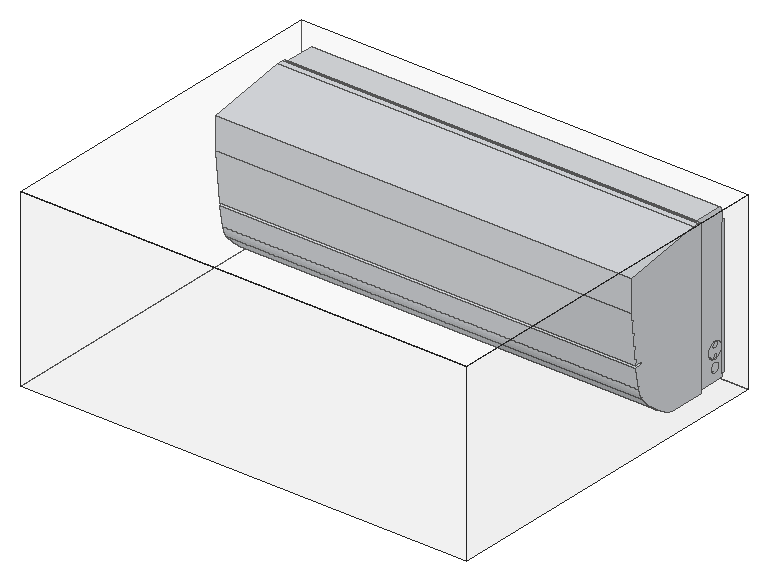
Revit family "msz-gv2256_23_60hz", category 機械設備, Revit 2019
Family settings
  丸型コネクタ寸法 = 直径を使用
  パーツ タイプ = 標準
  OmniClass 番号 = 23.75.10.24.21.27.27
  OmniClass タイトル = Split System Air Conditioning Units
  作業面ベース = いいえ
  常に垂直 = はい
  ロード時にボイドで切り取り = いいえ
  共有 = いいえ
  部屋計算ポイント = いいえ
Parameters (values of type "壁掛_MSZ-GV2223-T-IN")
  風量 = MAX風量  # 635.0 m³/h
  音響パワーレベル(dB) = if([運転音(強冷房)  db] > [運転音(強暖房)  db], [運転音(強冷房)  db], [運転音(強暖房)  db])  # 64
  電源種別 = ""
  電圧_電気ヒーター = 0 V
  電圧 = 100 V
  電動機出力_送風機 = 28.00 W
  運転音(強暖房)  db = 64
  運転音(強冷房)  db = 62
  運転音(弱暖房)  db = 43
  運転音(静冷房)  db = 41
  運転音(弱冷房)  db = 43
  運転音(中暖房)  db = 50
  運転音(中冷房)  db = 51
  運転質量 = 0.00 kg
  連動 = ""
  質量 = if(製品質量 > 運転質量, 製品質量, 運転質量) * 1.2  # 9.60 kg
  負荷分類 = 10_ファンコイル類
  説明 = "ルームエアコン(霧ヶ峰) 　GVシリーズ　室内ユニット"
  設計暖房能力 [instance] = 0.00 kW
  設計冷房能力_顕熱 [instance] = 0 kW
  設計冷房能力 [instance] = 0 kW
  設置方法 = "壁掛 (露出)形"
  記号 [instance] = ""
  製造元 = "三菱電機株式会社"
  製品質量 = 8.00 kg
  製品出荷対象 = "国内"
  製品リリース年月 = "-"
  製品グループ = ""
  系統 [instance] = ""
  符号 = "ACR-WR"
  積算_科目 = "1 空気調和設備"
  積算_拾い区分 [instance] = ""
  相_電気ヒーター = 1
  相 = 1
  盤記号 [instance] = ""
  発停方法 = "付属スイッチ"
  特殊仕様 [instance] = ""
  火災停止 = ""
  消費電力_暖房 = 470.00 W
  消費電力_冷房 = 655.00 W
  消費電力 = 655.00 W
  法定耐用年数 = "6"
  構成品番 = ""
  極数 = 1
  材質 = ""
  本体マテリアル = none
  暖房能力 = 2.20 kW
  暖房 風量 = 635.0 m³/h
  推奨ブレーカー容量 = 15 A
  形式 = "壁掛（露出）形"
  幹線記号 = ""
  始動方式 = "直入"
  呼称 = "パッケージ形空気調和機_室内機"
  周波数 = 60 Hz
  台数_手元リモコン = ""
  参照している仕様書等のバージョン = "公共建築物標準仕様書（機械設備工事編）平成31年度版"
  加湿給水管径 = 0.00 mm
  分類コード = "50053004203000"
  分類グループ = ""
  冷房能力 = 2.2 kW
  冷房 風量 = 635.0 m³/h
  冷媒高低圧ガス管径 = 0.00 mm
  冷媒管径符号 = "Ab"
  冷媒管径 = 100.00 mm
  冷媒液管高さ = 126 mm
  冷媒液管長さ = 85 mm
  冷媒液管径 = 6.35 mm
  冷媒ガス管高さ = 126 mm
  冷媒ガス管長さ = 86 mm
  冷媒ガス管径 = 9.52 mm
  企業コード = "108420"
  付属品 [instance] = ""
  仕様書バージョン = "Version1.0"
  モデル = "MSZ-GV22**-*-IN"
  ドレン管高さ = 190 mm
  ドレン管径 = 16.00 mm
  サービススペース = yes
  コメント [instance] = ""
  ケーブル種類1 = "VVF"
  ケーブルサイズ1 = 2 mm
  Width = 799 mm
  Version = ""
  Uniclass2015Version = "Systems v1.9"
  Uniclass2015Title = "Split coil remote air cooled condensing units"
  Uniclass2015Code = "Pr_70_65_03_84"
  URL = "https://www.mitsubishielectric.co.jp/ldg/wink/"
  SpecificationReference = ""
  SpecificationDescription = ""
  Revision = ""
  ProductInformation = ""
  OmniClassCode = "23-33 17 13 11"
  MAX風量 = 635.0 m³/h
  IfcTypeProduct = ""
  IfcProduct = ""
  IfcExportType = "AIRCONDITIONINGUNIT"
  IfcExportAs = "IfcUnitaryEquipmentType"
  Height = 295 mm
  FamilyVersion = "v1.7"
  Depth = 225 mm
  Clearance Top = 33 mm
  Clearance Right = 40 mm
  Clearance Left = 20 mm
  Clearance Front = 445 mm
  Clearance Bottom = 7 mm
  Clearance Back = 0 mm
  COP = 0
  Author = "三菱電機株式会社"
  APF = 0
Types (13, lengths in mm): name | 風量 | 音響パワーレベル(dB) | 電圧 | 電動機出力_送風機 | 運転音(強暖房)  db | 運転音(強冷房)  db | 運転音(弱暖房)  db | 運転音(静冷房)  db | 運転音(弱冷房)  db | 運転音(中暖房)  db | 運転音(中冷房)  db | 質量 | 製品質量 | 消費電力_暖房 | 消費電力_冷房 | 消費電力 | 暖房能力 | 暖房 風量 | 冷房能力 | 冷房 風量 | モデル | MAX風量 | Clearance Front
  (no name) | 635.0 m³/h | 64 | 100 V | 28.00 W | 64 | 62 | 43 | 41 | 43 | 50 | 51 | 9.60 kg | 8.00 kg | 470.00 W | 655.00 W | 655.00 W | 2.20 kW | 635.0 m³/h | 2.2 kW | 635.0 m³/h | "MSZ-GV22**-*-IN" | 635.0 m³/h | 445
  壁掛_MSZ-GV2223-W-IN | 635.0 m³/h | 64 | 100 V | 28.00 W | 64 | 62 | 43 | 41 | 43 | 50 | 51 | 9.60 kg | 8.00 kg | 470.00 W | 655.00 W | 655.00 W | 2.20 kW | 635.0 m³/h | 2.2 kW | 635.0 m³/h | "MSZ-GV22**-*-IN" | 635.0 m³/h | 445
  壁掛_MSZ-GV2523-W-IN | 655.0 m³/h | 64 | 100 V | 28.00 W | 64 | 63 | 43 | 41 | 43 | 50 | 51 | 9.60 kg | 8.00 kg | 625.00 W | 745.00 W | 745.00 W | 2.80 kW | 635.0 m³/h | 2.5 kW | 635.0 m³/h | "MSZ-GV25**-*-IN" | 655.0 m³/h | 445
  壁掛_MSZ-GV2823-W-IN | 665.0 m³/h | 64 | 100 V | 28.00 W | 64 | 63 | 43 | 41 | 43 | 50 | 51 | 10.80 kg | 9.00 kg | 910.00 W | 800.00 W | 910.00 W | 3.60 kW | 650.0 m³/h | 2.8 kW | 665.0 m³/h | "MSZ-GV28**-*-IN" | 665.0 m³/h | 445
  壁掛_MSZ-GV3623-W-IN | 670.0 m³/h | 64 | 100 V | 28.00 W | 64 | 64 | 47 | 41 | 47 | 53 | 54 | 10.80 kg | 9.00 kg | 1215.00 W | 1415.00 W | 1415.00 W | 4.20 kW | 660.0 m³/h | 3.6 kW | 670.0 m³/h | "MSZ-GV36**-*-IN" | 670.0 m³/h | 445
  壁掛_MSZ-GV4023S-W-IN | 670.0 m³/h | 66 | 200 V | 40.00 W | 65 | 66 | 47 | 44 | 47 | 54 | 54 | 10.80 kg | 9.00 kg | 1480.00 W | 1660.00 W | 1660.00 W | 5.00 kW | 660.0 m³/h | 4 kW | 670.0 m³/h | "MSZ-GV40**S-*-IN" | 670.0 m³/h | 445
  壁掛_MSZ-GV5623S-W-IN | 785.0 m³/h | 67 | 200 V | 40.00 W | 67 | 66 | 47 | 45 | 47 | 54 | 54 | 10.80 kg | 9.00 kg | 1980.00 W | 2380.00 W | 2380.00 W | 6.70 kW | 725.0 m³/h | 5.6 kW | 785.0 m³/h | "MSZ-GV56**S-*-IN" | 785.0 m³/h | 215
  壁掛_MSZ-GV2223-T-IN | 635.0 m³/h | 64 | 100 V | 28.00 W | 64 | 62 | 43 | 41 | 43 | 50 | 51 | 9.60 kg | 8.00 kg | 470.00 W | 655.00 W | 655.00 W | 2.20 kW | 635.0 m³/h | 2.2 kW | 635.0 m³/h | "MSZ-GV22**-*-IN" | 635.0 m³/h | 445
  壁掛_MSZ-GV2523-T-IN | 655.0 m³/h | 64 | 100 V | 28.00 W | 64 | 63 | 43 | 41 | 43 | 50 | 51 | 9.60 kg | 8.00 kg | 625.00 W | 745.00 W | 745.00 W | 2.80 kW | 635.0 m³/h | 2.5 kW | 635.0 m³/h | "MSZ-GV25**-*-IN" | 655.0 m³/h | 445
  壁掛_MSZ-GV2823-T-IN | 665.0 m³/h | 64 | 100 V | 28.00 W | 64 | 63 | 43 | 41 | 43 | 50 | 51 | 10.80 kg | 9.00 kg | 910.00 W | 800.00 W | 910.00 W | 3.60 kW | 650.0 m³/h | 2.8 kW | 665.0 m³/h | "MSZ-GV28**-*-IN" | 665.0 m³/h | 445
  壁掛_MSZ-GV3623-T-IN | 670.0 m³/h | 64 | 100 V | 28.00 W | 64 | 64 | 47 | 41 | 47 | 53 | 54 | 10.80 kg | 9.00 kg | 1215.00 W | 1415.00 W | 1415.00 W | 4.20 kW | 660.0 m³/h | 3.6 kW | 670.0 m³/h | "MSZ-GV36**-*-IN" | 670.0 m³/h | 445
  壁掛_MSZ-GV4023S-T-IN | 670.0 m³/h | 66 | 200 V | 40.00 W | 65 | 66 | 47 | 44 | 47 | 54 | 54 | 10.80 kg | 9.00 kg | 1480.00 W | 1660.00 W | 1660.00 W | 5.00 kW | 660.0 m³/h | 4 kW | 670.0 m³/h | "MSZ-GV40**S-*-IN" | 670.0 m³/h | 445
  壁掛_MSZ-GV5623S-T-IN | 785.0 m³/h | 67 | 200 V | 40.00 W | 67 | 66 | 47 | 45 | 47 | 54 | 54 | 10.80 kg | 9.00 kg | 1980.00 W | 2380.00 W | 2380.00 W | 6.70 kW | 725.0 m³/h | 5.6 kW | 785.0 m³/h | "MSZ-GV56**S-*-IN" | 785.0 m³/h | 215
Reference planes
  plane 1 "中心(正面/背面)": y = 222.5
  plane 2: z = 0
  plane 3 "中心(左/右)": x = 0
  plane 4: z = 295
  plane 5: y = 340
  plane 6: y = 110
  plane 7: x = -399.5
  plane 8: x = 399.5
  plane 9: x = -419.5
  plane 10: x = 439.5
  plane 11: y = 340
  plane 12: y = -335
  plane 13: z = 328
  plane 14: z = -7
  plane 15: y = 335
  plane 16: x = 400.5
Lines and regions (mm)
  Masking region 1, detail levels coarse+medium
    outline origin (0, 0, 0) x (1, 0, 0) y (0, 1, 0)
      loop
        line (-399.5, 340) -> (-399.5, 110) -> (399.5, 110) -> (399.5, 340) -> (-399.5, 340)
  symbolic lines, detail levels coarse+medium
    curve 1: line (-399.5, 340, 0) -> (399.5, 340, 0)
    curve 2: line (-399.5, 110, 0) -> (-399.5, 340, 0)
    curve 3: line (399.5, 110, 0) -> (-399.5, 110, 0)
    curve 4: line (399.5, 340, 0) -> (399.5, 110, 0)
Dimensions and locks
  equal spacing: plane 7, plane 3 "中心(左/右)", plane 8
  "Width": plane 7 to plane 8
  "Clearance Back": plane 5 to plane 11
  "Clearance Front": plane 12 to plane 6
  "Clearance Right": plane 8 to plane 10
  "Clearance Left": plane 9 to plane 7
  "Height": plane 4 to level
  "Clearance Bottom": level to plane 14
  "Clearance Top": plane 13 to plane 4
  locked: plane 15 to plane 5 at 5
  equal spacing: plane 6, plane 1 "中心(正面/背面)", plane 15
  "Depth": plane 6 to plane 15
  locked: plane 8 to plane 16 at 1
  plane 12 to plane 11 = 675 mm
  aligned and locked: level to plane 2
  aligned and locked: plane 9 to nested 1
  aligned and locked: plane 10 to nested 1
  aligned and locked: plane 12 to nested 1
  aligned and locked: plane 11 to nested 1
  aligned and locked: plane 13 to nested 1
  aligned and locked: plane 3 "中心(左/右)" to nested 2
  aligned and locked: plane 14 to nested 1
  aligned and locked: plane 5 to nested 2
  aligned and locked: Masking region 1 sketch curve to plane 8
  aligned and locked: plane 7 to Masking region 1 sketch curve
  aligned and locked: plane 5 to Masking region 1 sketch curve
  aligned and locked: Masking region 1 sketch curve to plane 6
  aligned and locked: curve 4 to plane 8
  aligned and locked: plane 7 to curve 2
  aligned and locked: curve 3 to plane 6
  aligned and locked: plane 5 to curve 1
Nested families
  nested 1: "サービススペース_MSZ-GV22-5623" at (10, 2.5, 160.5), visible <- "サービススペース", type "サービススペース_MSZ-GV22-5623"
    with Width 859 mm, Height 335 mm, Depth 675 mm
  nested 2: "MSZ-GV○○-○○-IN" at (0, 340, 0), type "MSZ-GV○○-○○-IN"
Connectors
  piping at (393.5, 317, 55), diameter 100, driven by "冷媒管径", driven by "冷媒管径符号"
    settings: on nested 2, index 1, connector inside diameter 609.60 mm, connector length 0 mm, flow factor 0, pipe flow 0.0 L/s, pressure drop 0.0 Pa, fitting loss kfactor 0, connector angle 0.00°, fixture units 0, engagement length 0 mm, angle of deflection 0.00°, flow configuration 1, flow direction 2, fitting loss method 4, system type 7, joint type 0, gender type 0, connector reference index -1, connector utility 0, adjustable connector no, is connector primary yes, connector description "Ab"
  piping at (393.5, 317, 25), diameter 16, driven by "ドレン管径"
    settings: on nested 2, index 2, connector inside diameter 609.60 mm, connector length 0 mm, flow factor 0, pipe flow 0.0 L/s, pressure drop 0.0 Pa, fitting loss kfactor 0, connector angle 0.00°, fixture units 0, engagement length 0 mm, angle of deflection 0.00°, flow configuration 1, flow direction 2, fitting loss method 4, system type 16, joint type 0, gender type 0, connector reference index -1, connector utility 0, adjustable connector no, is connector primary no, connector description ""
  electrical at (350, 170, 215), driven by "極数", driven by "負荷分類", driven by "電圧", driven by "消費電力"
    settings: on nested 2, index 5, voltage 100 V, apparent load 655 VA, apparent load phase1 0 VA, apparent load phase2 0 VA, apparent load phase3 0 VA, power factor 1, load classification "10_ファンコイル類", number of poles 1, system type 30, power factor state 1, is connector primary yes, connector utility no, sub classification motor no, connector description ""
Definition of nested family "サービススペース_MSZ-GV22-5623"
  Parameters (values of type "サービススペース")
    Width [instance] = 500 mm
    Height [instance] = 500 mm
    Depth [instance] = 500 mm
  Reference planes
    plane 1 "中心(正面/背面)": y = 0
    plane 2: z = 0
    plane 3 "中心(左/右)": x = 0
    plane 4: y = -250
    plane 5: x = 250
    plane 6: y = 250
    plane 7: x = -250
    plane 8: z = 250
    plane 9: z = -250
  Forms (mm)
    Extrusion 1, solid
      sketch origin (-638.939, 0, 72.39) x (1, 0, 0) y (0, 1, 0)
        loop
          line (388.939, 250) -> (388.939, -250) -> (888.939, -250) -> (888.939, 250) -> (388.939, 250)
      from -322.39 to 177.61
  Lines and regions (mm)
    symbolic lines
      curve 1: line (-250, 0, 250) -> (250, 0, 250)
      curve 2: line (-250, 0, -250) -> (-250, 0, 250)
      curve 3: line (250, 0, -250) -> (-250, 0, -250)
      curve 4: line (250, 0, 250) -> (250, 0, -250)
      curve 5: line (0, -250, 250) -> (0, 250, 250)
      curve 6: line (0, -250, -250) -> (0, -250, 250)
      curve 7: line (0, 250, -250) -> (0, -250, -250)
      curve 8: line (0, 250, 250) -> (0, 250, -250)
      curve 9: line (-250, 250, 0) -> (250, 250, 0)
      curve 10: line (-250, -250, 0) -> (-250, 250, 0)
      curve 11: line (250, -250, 0) -> (-250, -250, 0)
      curve 12: line (250, 250, 0) -> (250, -250, 0)
  Dimensions and locks
    equal spacing: plane 7, plane 3 "中心(左/右)", plane 5
    equal spacing: plane 4, plane 1 "中心(正面/背面)", plane 6
    "Depth": plane 4 to plane 6
    "Width": plane 7 to plane 5
    equal spacing: plane 8, plane 2, plane 9
    "Height": plane 8 to plane 9
    aligned and locked: plane 9 to curve 3
    aligned and locked: plane 7 to curve 2
    aligned and locked: curve 4 to plane 5
    aligned and locked: plane 5 to Extrusion 1
    aligned and locked: Extrusion 1 to plane 7
    aligned and locked: Extrusion 1 to plane 9
    aligned and locked: plane 8 to Extrusion 1
    aligned and locked: plane 9 to curve 7
  Automatic sketch dimensions
    plane 4 to Extrusion 1 sketch curve = 0 mm
    Extrusion 1 sketch curve to plane 7 = 0 mm
    Extrusion 1 sketch curve to plane 5 = 0 mm
    plane 6 to Extrusion 1 sketch curve = 0 mm
    curve 2 to plane 8 = 0 mm
    plane 4 to curve 11 = 0 mm
    curve 11 to plane 7 = 0 mm
    curve 11 to plane 5 = 0 mm
    plane 6 to curve 10 = 0 mm
    curve 7 to plane 4 = 0 mm
    curve 7 to plane 6 = 0 mm
    curve 6 to plane 8 = 0 mm
Definition of nested family "MSZ-GV○○-○○-IN"
  Parameters (values of type "MSZ-GV○○-○○-IN")
    配線取出口サイズ = 26 mm
    配線取出口-Z = 0 mm
    配線取出口-Y = 0 mm
    配線取出口-X = 0 mm
    表示 [instance] = yes
    液配管サイズ = 100 mm
    H = 295 mm
    D = 225 mm
    吊りボルト_H = 230 mm
    冷媒配管サイズ = 6.35 mm
    冷媒液管径-Z = 0 mm
    冷媒液管径-Y = 0 mm
    冷媒液管径-X = 0 mm
    冷媒ガス管径-Z = 0 mm
    冷媒ガス管径-Y = 0 mm
    冷媒ガス管径-X = 0 mm
    吊りボルト-W = 300 mm
    マテリアル = none
    ドレン配管サイズ = 16 mm
    ドレン管径-Z = 0 mm
    ドレン管径-Y = 0 mm
    ドレン管径-X = 0 mm
    ガス配管サイズ = 9.52 mm
    吊りボルト-D = 200 mm
    W = 799 mm
  Reference planes
    plane 1 "中心(正面/背面)": y = 0
    plane 2: z = 0
    plane 3 "中心(左/右)": x = 0
    plane 4: z = 295
    plane 5: x = -399.5
    plane 6: x = 399.5
    plane 7: y = -230
    plane 8: y = -5
    plane 9: x = 392.5
    plane 10: x = -392.5
    plane 11: y = -23
    plane 12: z = 25
    plane 13: z = 45
    plane 14: z = 65
    plane 15: z = 55
    plane 16: x = 350
    plane 17: x = 393.5
    plane 18: y = -170
    plane 19: z = 215
    plane 20: y = -171
  Forms (mm)
    Extrusion 1, solid, material <- "マテリアル", visible <- "表示", detail levels fine
      sketch origin (399.5, 1296.25, 1200) x (0, 1, 0) y (0, 0, 1)
        loop
          line (-1361.25, -905) -> (-1366.084, -905)
          arc (-1366.084, -905) -> (-1371.503, -905.1) -> (-1376.915, -905.401) r 146.284
          arc (-1376.915, -905.401) -> (-1452.131, -914.37) -> (-1526.25, -930) r 850.001
          line (-1526.25, -930) -> (-1526.25, -989.75)
          arc (-1526.25, -989.75) -> (-1523.968, -1036.991) -> (-1517.141, -1083.791) r 490
          line (-1517.141, -1083.791) -> (-1502.319, -1081.522) -> (-1501.562, -1086.464) -> (-1516.32, -1088.918) -> (-1509.396, -1127.328)
          arc (-1509.396, -1127.328) -> (-1505.888, -1138.744) -> (-1499.774, -1149.003) r 50
          arc (-1499.774, -1149.003) -> (-1475.445, -1174.399) -> (-1446.288, -1194.065) r 165.075
          arc (-1446.288, -1194.065) -> (-1437.659, -1197.419) -> (-1428.49, -1198.699) r 40
          line (-1428.49, -1198.699) -> (-1371.251, -1200) -> (-1361.25, -1200) -> (-1361.25, -905)
      from -799 to 0
    Extrusion 2, solid, material <- "マテリアル", visible <- "表示", detail levels fine
      sketch origin (399.5, 1296.25, 1200) x (0, 1, 0) y (0, 0, 1)
        loop
          line (-1361.25, -1200) -> (-1301.25, -1200) -> (-1301.25, -911.805) -> (-1305.18, -905) -> (-1361.25, -905) -> (-1361.25, -1200)
      from -792 to -7
    Extrusion 3, solid, material <- "マテリアル", visible <- "表示", detail levels fine
      sketch origin (399.5, 1296.25, 1200) x (0, 1, 0) y (0, 0, 1)
        loop
          line (-1301.25, -1192) -> (-1296.25, -1192) -> (-1296.25, -930) -> (-1301.25, -930) -> (-1301.25, -1192)
      from -792 to -7
    Extrusion 4, solid, material <- "マテリアル", visible <- "表示", detail levels fine
      sketch origin (399.5, 1296.25, 1200) x (0, 1, 0) y (0, 0, 1)
        loop
          circle (-1319.25, -1175) r 8
      from -7 to -6
    Extrusion 5, solid, material <- "マテリアル", visible <- "表示", detail levels fine
      sketch origin (399.5, 1296.25, 1200) x (0, 1, 0) y (0, 0, 1)
        loop
          circle (-1319.25, -1155) r 3.175
      from -7 to -6
    Extrusion 6, solid, material <- "マテリアル", visible <- "表示", detail levels fine
      sketch origin (399.5, 1296.25, 1200) x (0, 1, 0) y (0, 0, 1)
        loop
          circle (-1319.25, -1135) r 4.76
      from -7 to -6
    Extrusion 7, solid, material <- "マテリアル", visible <- "表示", detail levels fine
      sketch origin (399.5, 1296.25, 1200) x (0, 1, 0) y (0, 0, 1)
        loop
          circle (-1319.25, -1145) r 15
      from -7 to -6
    Extrusion 8, solid, material <- "マテリアル", visible <- "表示", detail levels fine
      sketch origin (0, 0, 0) x (1, 0, 0) y (0, 0, 1)
        loop
          line (349, 216) -> (349, 214) -> (351, 214) -> (351, 216) -> (349, 216)
      from 170 to 171
  Dimensions and locks
    equal spacing: plane 5, plane 3 "中心(左/右)", plane 6
    "W": plane 5 to plane 6
    "H": plane 4 to level
    locked: plane 8 to plane 1 "中心(正面/背面)" at 5
    "D": plane 7 to plane 8
    locked: plane 5 to plane 10 at 7
    locked: plane 9 to plane 6 at 7
    plane 11 to plane 8 = 18 mm
    plane 12 to level = 25 mm
    plane 13 to level = 45 mm
    plane 14 to level = 65 mm
    equal spacing: plane 14, plane 15, plane 13
    locked: plane 9 to plane 17 at 1
    plane 3 "中心(左/右)" to plane 16 = 350 mm
    plane 18 to plane 1 "中心(正面/背面)" = 170 mm
    plane 4 to plane 19 = 80 mm
    locked: plane 20 to plane 18 at 1
    "ドレン配管サイズ": diameter of Extrusion 4 sketch curve
    "冷媒配管サイズ": diameter of Extrusion 5 sketch curve
    "ガス配管サイズ": diameter of Extrusion 6 sketch curve
    aligned and locked: level to plane 2
    aligned and locked: Extrusion 1 sketch curve to plane 7
    aligned and locked: Extrusion 1 sketch curve to level
    aligned and locked: Extrusion 1 sketch curve to plane 4
    aligned and locked: Extrusion 1 to plane 5
    aligned and locked: plane 6 to Extrusion 1
    aligned and locked: Extrusion 2 sketch curve to plane 8
    aligned and locked: Extrusion 2 sketch curve to level
    aligned and locked: Extrusion 2 sketch curve to plane 4
    aligned and locked: Extrusion 2 to plane 10
    aligned and locked: plane 9 to Extrusion 2
    aligned and locked: Extrusion 3 sketch curve to plane 8
    aligned and locked: Extrusion 3 sketch curve to plane 1 "中心(正面/背面)"
    aligned and locked: Extrusion 3 to plane 10
    aligned and locked: plane 9 to Extrusion 3
    aligned and locked: plane 12 to Extrusion 4 sketch curve
    aligned and locked: plane 11 to Extrusion 4 sketch curve
    aligned and locked: plane 11 to Extrusion 5 sketch curve
    aligned and locked: plane 13 to Extrusion 5 sketch curve
    aligned and locked: plane 11 to Extrusion 6 sketch curve
    aligned and locked: plane 14 to Extrusion 6 sketch curve
    aligned and locked: plane 11 to Extrusion 7 sketch curve
    aligned and locked: plane 15 to Extrusion 7 sketch curve
    aligned and locked: plane 17 to Extrusion 7
    aligned and locked: plane 17 to Extrusion 5
    aligned and locked: plane 17 to Extrusion 4
    aligned and locked: plane 17 to Extrusion 6
    aligned and locked: Extrusion 5 to plane 9
    aligned and locked: Extrusion 4 to plane 9
    aligned and locked: Extrusion 7 to plane 9
    aligned and locked: Extrusion 6 to plane 9
    aligned and locked: plane 20 to Extrusion 8
    aligned and locked: Extrusion 8 to plane 18
  Automatic sketch dimensions
    plane 8 to Extrusion 2 sketch curve = 60 mm
    plane 8 to Extrusion 2 sketch curve = 3.929 mm
    Extrusion 2 sketch curve to plane 4 = 6.805 mm
    level to Extrusion 3 sketch curve = 8 mm
    Extrusion 3 sketch curve to plane 4 = 25 mm
    Extrusion 1 sketch curve to plane 7 = 9.109 mm
    Extrusion 1 sketch curve to Extrusion 1 sketch curve = 0.821 mm
    Extrusion 1 sketch curve to plane 7 = 16.855 mm
    Extrusion 1 sketch curve to Extrusion 1 sketch curve = 14.823 mm
    Extrusion 1 sketch curve to Extrusion 1 sketch curve = 0.757 mm
    level to Extrusion 1 sketch curve = 1.301 mm
    Extrusion 1 sketch curve to Extrusion 1 sketch curve = 31.699 mm
    Extrusion 1 sketch curve to Extrusion 1 sketch curve = 0.909 mm
    Extrusion 1 sketch curve to Extrusion 1 sketch curve = 57.238 mm
    plane 8 to Extrusion 1 sketch curve = 67.834 mm
    plane 8 to Extrusion 1 sketch curve = 64.833 mm
    Extrusion 1 sketch curve to Extrusion 1 sketch curve = 10.001 mm
    plane 8 to Extrusion 1 sketch curve = 12.731 mm
    Extrusion 1 sketch curve to plane 4 = 84.75 mm
    Extrusion 1 sketch curve to plane 1 "中心(正面/背面)" = 260 mm
    Extrusion 1 sketch curve to level = 553.069 mm
    Extrusion 1 sketch curve to Extrusion 1 sketch curve = 43.537 mm
    Extrusion 1 sketch curve to Extrusion 1 sketch curve = 8.871 mm
    Extrusion 1 sketch curve to Extrusion 1 sketch curve = 5.127 mm
    Extrusion 1 sketch curve to Extrusion 1 sketch curve = 2.454 mm
    Extrusion 1 sketch curve to Extrusion 1 sketch curve = 4.942 mm
    Extrusion 1 sketch curve to Extrusion 1 sketch curve = 67.173 mm
    Extrusion 1 sketch curve to Extrusion 1 sketch curve = 3.128 mm
    Extrusion 1 sketch curve to plane 4 = 25 mm
    Extrusion 1 sketch curve to Extrusion 1 sketch curve = 0 mm
    Extrusion 8 sketch curve to plane 16 = 1 mm
    plane 19 to Extrusion 8 sketch curve = 1 mm
    Extrusion 8 sketch curve to plane 19 = 1 mm
    plane 16 to Extrusion 8 sketch curve = 1 mm
    radius of Extrusion 7 sketch curve = 15 mm
